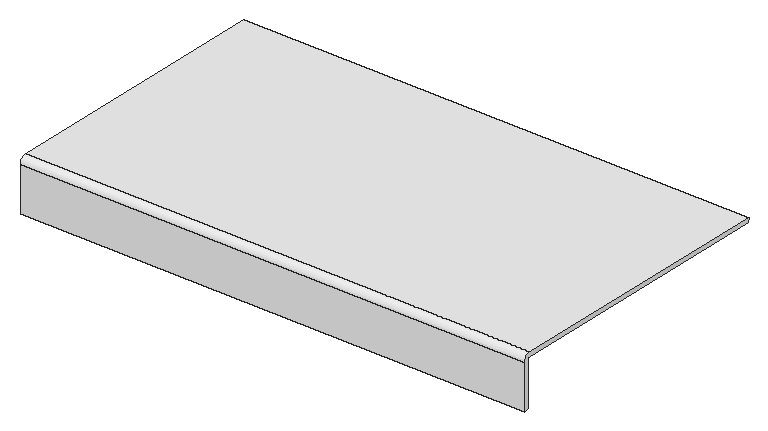
Revit family "JOMA_Gerberbeslag", category Structural Connections, host Face, Revit 2012 (continued)
Nested families
  nested 157: "Spikmönster" at (80, 40, 0) x (-1, 0, 0) z (0, 0, 1), visible <- "Typ 220 Spikmönster 1", type "Ø5", not visible
  nested 158: "Spikmönster" at (100, 30, 0) x (-1, 0, 0) z (0, 0, 1), visible <- "Typ 220 Spikmönster 1", type "Ø5", not visible
  nested 159: "Spikmönster" at (60, 30, 0) x (-1, 0, 0) z (0, 0, 1), visible <- "Typ 220 Spikmönster 1", type "Ø5", not visible
  nested 160: "Spikmönster" at (80, 20, 0) x (-1, 0, 0) z (0, 0, 1), visible <- "Typ 220 Spikmönster 1", type "Ø5", not visible
  nested 161: "Spikmönster" at (-100, 210, 0), visible <- "Typ 220 Spikmönster 2", type "Ø5", not visible
  nested 162: "Spikmönster" at (-60, 210, 0), visible <- "Typ 220 Spikmönster 2", type "Ø5", not visible
  nested 163: "Spikmönster" at (-100, 190, 0), visible <- "Typ 220 Spikmönster 2", type "Ø5", not visible
  nested 164: "Spikmönster" at (-60, 190, 0), visible <- "Typ 220 Spikmönster 2", type "Ø5", not visible
  nested 165: "Spikmönster" at (-100, 170, 0), visible <- "Typ 220 Spikmönster 2", type "Ø5", not visible
  nested 166: "Spikmönster" at (-60, 170, 0), visible <- "Typ 220 Spikmönster 2", type "Ø5", not visible
  nested 167: "Spikmönster" at (-100, 150, 0), visible <- "Typ 220 Spikmönster 2", type "Ø5", not visible
  nested 168: "Spikmönster" at (-60, 150, 0), visible <- "Typ 220 Spikmönster 2", type "Ø5", not visible
  nested 169: "Spikmönster" at (-100, 130, 0), visible <- "Typ 220 Spikmönster 2", type "Ø5", not visible
  nested 170: "Spikmönster" at (-60, 130, 0), visible <- "Typ 220 Spikmönster 2", type "Ø5", not visible
  nested 171: "Spikmönster" at (-100, 110, 0), visible <- "Typ 220 Spikmönster 2", type "Ø5", not visible
  nested 172: "Spikmönster" at (-60, 110, 0), visible <- "Typ 220 Spikmönster 2", type "Ø5", not visible
  nested 173: "Spikmönster" at (-100, 90, 0), visible <- "Typ 220 Spikmönster 2", type "Ø5", not visible
  nested 174: "Spikmönster" at (-60, 90, 0), visible <- "Typ 220 Spikmönster 2", type "Ø5", not visible
  nested 175: "Spikmönster" at (-100, 70, 0), visible <- "Typ 220 Spikmönster 2", type "Ø5", not visible
  nested 176: "Spikmönster" at (-60, 70, 0), visible <- "Typ 220 Spikmönster 2", type "Ø5", not visible
  nested 177: "Spikmönster" at (-100, 50, 0), visible <- "Typ 220 Spikmönster 2", type "Ø5", not visible
  nested 178: "Spikmönster" at (-60, 50, 0), visible <- "Typ 220 Spikmönster 2", type "Ø5", not visible
  nested 179: "Spikmönster" at (-100, 30, 0), visible <- "Typ 220 Spikmönster 2", type "Ø5", not visible
  nested 180: "Spikmönster" at (-60, 30, 0), visible <- "Typ 220 Spikmönster 2", type "Ø5", not visible
  nested 181: "Spikmönster" at (100, 210, 0) x (-1, 0, 0) z (0, 0, 1), visible <- "Typ 220 Spikmönster 2", type "Ø5", not visible
  nested 182: "Spikmönster" at (60, 210, 0) x (-1, 0, 0) z (0, 0, 1), visible <- "Typ 220 Spikmönster 2", type "Ø5", not visible
  nested 183: "Spikmönster" at (100, 190, 0) x (-1, 0, 0) z (0, 0, 1), visible <- "Typ 220 Spikmönster 2", type "Ø5", not visible
  nested 184: "Spikmönster" at (60, 190, 0) x (-1, 0, 0) z (0, 0, 1), visible <- "Typ 220 Spikmönster 2", type "Ø5", not visible
  nested 185: "Spikmönster" at (100, 170, 0) x (-1, 0, 0) z (0, 0, 1), visible <- "Typ 220 Spikmönster 2", type "Ø5", not visible
  nested 186: "Spikmönster" at (60, 170, 0) x (-1, 0, 0) z (0, 0, 1), visible <- "Typ 220 Spikmönster 2", type "Ø5", not visible
  nested 187: "Spikmönster" at (100, 150, 0) x (-1, 0, 0) z (0, 0, 1), visible <- "Typ 220 Spikmönster 2", type "Ø5", not visible
  nested 188: "Spikmönster" at (60, 150, 0) x (-1, 0, 0) z (0, 0, 1), visible <- "Typ 220 Spikmönster 2", type "Ø5", not visible
  nested 189: "Spikmönster" at (100, 130, 0) x (-1, 0, 0) z (0, 0, 1), visible <- "Typ 220 Spikmönster 2", type "Ø5", not visible
  nested 190: "Spikmönster" at (60, 130, 0) x (-1, 0, 0) z (0, 0, 1), visible <- "Typ 220 Spikmönster 2", type "Ø5", not visible
  nested 191: "Spikmönster" at (100, 110, 0) x (-1, 0, 0) z (0, 0, 1), visible <- "Typ 220 Spikmönster 2", type "Ø5", not visible
  nested 192: "Spikmönster" at (60, 110, 0) x (-1, 0, 0) z (0, 0, 1), visible <- "Typ 220 Spikmönster 2", type "Ø5", not visible
  nested 193: "Spikmönster" at (100, 90, 0) x (-1, 0, 0) z (0, 0, 1), visible <- "Typ 220 Spikmönster 2", type "Ø5", not visible
  nested 194: "Spikmönster" at (60, 90, 0) x (-1, 0, 0) z (0, 0, 1), visible <- "Typ 220 Spikmönster 2", type "Ø5", not visible
  nested 195: "Spikmönster" at (100, 70, 0) x (-1, 0, 0) z (0, 0, 1), visible <- "Typ 220 Spikmönster 2", type "Ø5", not visible
  nested 196: "Spikmönster" at (60, 70, 0) x (-1, 0, 0) z (0, 0, 1), visible <- "Typ 220 Spikmönster 2", type "Ø5", not visible
  nested 197: "Spikmönster" at (100, 50, 0) x (-1, 0, 0) z (0, 0, 1), visible <- "Typ 220 Spikmönster 2", type "Ø5", not visible
  nested 198: "Spikmönster" at (60, 50, 0) x (-1, 0, 0) z (0, 0, 1), visible <- "Typ 220 Spikmönster 2", type "Ø5", not visible
  nested 199: "Spikmönster" at (100, 30, 0) x (-1, 0, 0) z (0, 0, 1), visible <- "Typ 220 Spikmönster 2", type "Ø5", not visible
  nested 200: "Spikmönster" at (60, 30, 0) x (-1, 0, 0) z (0, 0, 1), visible <- "Typ 220 Spikmönster 2", type "Ø5", not visible
  nested 201: "Spikmönster" at (-100, 190, 0), visible <- "Typ 200 Spikmönster 1", type "Ø5"
  nested 202: "Spikmönster" at (-60, 190, 0), visible <- "Typ 200 Spikmönster 1", type "Ø5"
  nested 203: "Spikmönster" at (-80, 180, 0), visible <- "Typ 200 Spikmönster 1", type "Ø5"
  nested 204: "Spikmönster" at (-100, 170, 0), visible <- "Typ 200 Spikmönster 1", type "Ø5"
  nested 205: "Spikmönster" at (-60, 170, 0), visible <- "Typ 200 Spikmönster 1", type "Ø5"
  nested 206: "Spikmönster" at (-80, 160, 0), visible <- "Typ 200 Spikmönster 1", type "Ø5"
  nested 207: "Spikmönster" at (-100, 150, 0), visible <- "Typ 200 Spikmönster 1", type "Ø5"
  nested 208: "Spikmönster" at (-60, 150, 0), visible <- "Typ 200 Spikmönster 1", type "Ø5"
  nested 209: "Spikmönster" at (-80, 140, 0), visible <- "Typ 200 Spikmönster 1", type "Ø5"
  nested 210: "Spikmönster" at (-100, 130, 0), visible <- "Typ 200 Spikmönster 1", type "Ø5"
  nested 211: "Spikmönster" at (-60, 130, 0), visible <- "Typ 200 Spikmönster 1", type "Ø5"
  nested 212: "Spikmönster" at (-80, 120, 0), visible <- "Typ 200 Spikmönster 1", type "Ø5"
  nested 213: "Spikmönster" at (-100, 110, 0), visible <- "Typ 200 Spikmönster 1", type "Ø5"
  nested 214: "Spikmönster" at (-60, 110, 0), visible <- "Typ 200 Spikmönster 1", type "Ø5"
  nested 215: "Spikmönster" at (-80, 100, 0), visible <- "Typ 200 Spikmönster 1", type "Ø5"
  nested 216: "Spikmönster" at (-100, 90, 0), visible <- "Typ 200 Spikmönster 1", type "Ø5"
  nested 217: "Spikmönster" at (-60, 90, 0), visible <- "Typ 200 Spikmönster 1", type "Ø5"
  nested 218: "Spikmönster" at (-80, 80, 0), visible <- "Typ 200 Spikmönster 1", type "Ø5"
  nested 219: "Spikmönster" at (-100, 70, 0), visible <- "Typ 200 Spikmönster 1", type "Ø5"
  nested 220: "Spikmönster" at (-60, 70, 0), visible <- "Typ 200 Spikmönster 1", type "Ø5"
  nested 221: "Spikmönster" at (-80, 60, 0), visible <- "Typ 200 Spikmönster 1", type "Ø5"
  nested 222: "Spikmönster" at (-100, 50, 0), visible <- "Typ 200 Spikmönster 1", type "Ø5"
  nested 223: "Spikmönster" at (-60, 50, 0), visible <- "Typ 200 Spikmönster 1", type "Ø5"
  nested 224: "Spikmönster" at (-80, 40, 0), visible <- "Typ 200 Spikmönster 1", type "Ø5"
  nested 225: "Spikmönster" at (-100, 30, 0), visible <- "Typ 200 Spikmönster 1", type "Ø5"
  nested 226: "Spikmönster" at (-60, 30, 0), visible <- "Typ 200 Spikmönster 1", type "Ø5"
  nested 227: "Spikmönster" at (-80, 20, 0), visible <- "Typ 200 Spikmönster 1", type "Ø5"
  nested 228: "Spikmönster" at (60, 190, 0), visible <- "Typ 200 Spikmönster 1", type "Ø5"
  nested 229: "Spikmönster" at (100, 190, 0), visible <- "Typ 200 Spikmönster 1", type "Ø5"
  nested 230: "Spikmönster" at (80, 180, 0), visible <- "Typ 200 Spikmönster 1", type "Ø5"
  nested 231: "Spikmönster" at (60, 170, 0), visible <- "Typ 200 Spikmönster 1", type "Ø5"
  nested 232: "Spikmönster" at (100, 170, 0), visible <- "Typ 200 Spikmönster 1", type "Ø5"
  nested 233: "Spikmönster" at (80, 160, 0), visible <- "Typ 200 Spikmönster 1", type "Ø5"
  nested 234: "Spikmönster" at (60, 150, 0), visible <- "Typ 200 Spikmönster 1", type "Ø5"
  nested 235: "Spikmönster" at (100, 150, 0), visible <- "Typ 200 Spikmönster 1", type "Ø5"
  nested 236: "Spikmönster" at (80, 140, 0), visible <- "Typ 200 Spikmönster 1", type "Ø5"
  nested 237: "Spikmönster" at (60, 130, 0), visible <- "Typ 200 Spikmönster 1", type "Ø5"
  nested 238: "Spikmönster" at (100, 130, 0), visible <- "Typ 200 Spikmönster 1", type "Ø5"
  nested 239: "Spikmönster" at (80, 120, 0), visible <- "Typ 200 Spikmönster 1", type "Ø5"
  nested 240: "Spikmönster" at (60, 110, 0), visible <- "Typ 200 Spikmönster 1", type "Ø5"
  nested 241: "Spikmönster" at (100, 110, 0), visible <- "Typ 200 Spikmönster 1", type "Ø5"
  nested 242: "Spikmönster" at (80, 100, 0), visible <- "Typ 200 Spikmönster 1", type "Ø5"
  nested 243: "Spikmönster" at (60, 90, 0), visible <- "Typ 200 Spikmönster 1", type "Ø5"
  nested 244: "Spikmönster" at (100, 90, 0), visible <- "Typ 200 Spikmönster 1", type "Ø5"
  nested 245: "Spikmönster" at (80, 80, 0), visible <- "Typ 200 Spikmönster 1", type "Ø5"
  nested 246: "Spikmönster" at (60, 70, 0), visible <- "Typ 200 Spikmönster 1", type "Ø5"
  nested 247: "Spikmönster" at (100, 70, 0), visible <- "Typ 200 Spikmönster 1", type "Ø5"
  nested 248: "Spikmönster" at (80, 60, 0), visible <- "Typ 200 Spikmönster 1", type "Ø5"
  nested 249: "Spikmönster" at (60, 50, 0), visible <- "Typ 200 Spikmönster 1", type "Ø5"
  nested 250: "Spikmönster" at (100, 50, 0), visible <- "Typ 200 Spikmönster 1", type "Ø5"
  nested 251: "Spikmönster" at (80, 40, 0), visible <- "Typ 200 Spikmönster 1", type "Ø5"
  nested 252: "Spikmönster" at (60, 30, 0), visible <- "Typ 200 Spikmönster 1", type "Ø5"
  nested 253: "Spikmönster" at (100, 30, 0), visible <- "Typ 200 Spikmönster 1", type "Ø5"
  nested 254: "Spikmönster" at (80, 20, 0), visible <- "Typ 200 Spikmönster 1", type "Ø5"
  nested 255: "Spikmönster" at (-100, 190, 0), visible <- "Typ 200 Spikmönster 2", type "Ø5"
  nested 256: "Spikmönster" at (-60, 190, 0), visible <- "Typ 200 Spikmönster 2", type "Ø5"
  nested 257: "Spikmönster" at (-100, 170, 0), visible <- "Typ 200 Spikmönster 2", type "Ø5"
  nested 258: "Spikmönster" at (-60, 170, 0), visible <- "Typ 200 Spikmönster 2", type "Ø5"
  nested 259: "Spikmönster" at (-100, 150, 0), visible <- "Typ 200 Spikmönster 2", type "Ø5"
  nested 260: "Spikmönster" at (-60, 150, 0), visible <- "Typ 200 Spikmönster 2", type "Ø5"
  nested 261: "Spikmönster" at (-100, 130, 0), visible <- "Typ 200 Spikmönster 2", type "Ø5"
  nested 262: "Spikmönster" at (-60, 130, 0), visible <- "Typ 200 Spikmönster 2", type "Ø5"
  nested 263: "Spikmönster" at (-100, 110, 0), visible <- "Typ 200 Spikmönster 2", type "Ø5"
  nested 264: "Spikmönster" at (-60, 110, 0), visible <- "Typ 200 Spikmönster 2", type "Ø5"
  nested 265: "Spikmönster" at (-100, 90, 0), visible <- "Typ 200 Spikmönster 2", type "Ø5"
  nested 266: "Spikmönster" at (-60, 90, 0), visible <- "Typ 200 Spikmönster 2", type "Ø5"
  nested 267: "Spikmönster" at (-100, 70, 0), visible <- "Typ 200 Spikmönster 2", type "Ø5"
  nested 268: "Spikmönster" at (-60, 70, 0), visible <- "Typ 200 Spikmönster 2", type "Ø5"
  nested 269: "Spikmönster" at (-100, 50, 0), visible <- "Typ 200 Spikmönster 2", type "Ø5"
  nested 270: "Spikmönster" at (-60, 50, 0), visible <- "Typ 200 Spikmönster 2", type "Ø5"
  nested 271: "Spikmönster" at (-100, 30, 0), visible <- "Typ 200 Spikmönster 2", type "Ø5"
  nested 272: "Spikmönster" at (-60, 30, 0), visible <- "Typ 200 Spikmönster 2", type "Ø5"
  nested 273: "Spikmönster" at (60, 190, 0), visible <- "Typ 200 Spikmönster 2", type "Ø5"
  nested 274: "Spikmönster" at (100, 190, 0), visible <- "Typ 200 Spikmönster 2", type "Ø5"
  nested 275: "Spikmönster" at (60, 170, 0), visible <- "Typ 200 Spikmönster 2", type "Ø5"
  nested 276: "Spikmönster" at (100, 170, 0), visible <- "Typ 200 Spikmönster 2", type "Ø5"
  nested 277: "Spikmönster" at (60, 150, 0), visible <- "Typ 200 Spikmönster 2", type "Ø5"
  nested 278: "Spikmönster" at (100, 150, 0), visible <- "Typ 200 Spikmönster 2", type "Ø5"
  nested 279: "Spikmönster" at (60, 130, 0), visible <- "Typ 200 Spikmönster 2", type "Ø5"
  nested 280: "Spikmönster" at (100, 130, 0), visible <- "Typ 200 Spikmönster 2", type "Ø5"
  nested 281: "Spikmönster" at (60, 110, 0), visible <- "Typ 200 Spikmönster 2", type "Ø5"
  nested 282: "Spikmönster" at (100, 110, 0), visible <- "Typ 200 Spikmönster 2", type "Ø5"
  nested 283: "Spikmönster" at (60, 90, 0), visible <- "Typ 200 Spikmönster 2", type "Ø5"
  nested 284: "Spikmönster" at (100, 90, 0), visible <- "Typ 200 Spikmönster 2", type "Ø5"
  nested 285: "Spikmönster" at (60, 70, 0), visible <- "Typ 200 Spikmönster 2", type "Ø5"
  nested 286: "Spikmönster" at (100, 70, 0), visible <- "Typ 200 Spikmönster 2", type "Ø5"
  nested 287: "Spikmönster" at (60, 50, 0), visible <- "Typ 200 Spikmönster 2", type "Ø5"
  nested 288: "Spikmönster" at (100, 50, 0), visible <- "Typ 200 Spikmönster 2", type "Ø5"
  nested 289: "Spikmönster" at (60, 30, 0), visible <- "Typ 200 Spikmönster 2", type "Ø5"
  nested 290: "Spikmönster" at (100, 30, 0), visible <- "Typ 200 Spikmönster 2", type "Ø5"
  nested 291: "Spikmönster" at (180, 190, 0), visible <- "Typ 200 Spikmönster 1", type "Ø5", not visible
  nested 292: "Spikmönster" at (220, 190, 0), visible <- "Typ 200 Spikmönster 1", type "Ø5", not visible
  nested 293: "Spikmönster" at (200, 180, 0), visible <- "Typ 200 Spikmönster 1", type "Ø5", not visible
  nested 294: "Spikmönster" at (180, 170, 0), visible <- "Typ 200 Spikmönster 1", type "Ø5", not visible
  nested 295: "Spikmönster" at (220, 170, 0), visible <- "Typ 200 Spikmönster 1", type "Ø5", not visible
  nested 296: "Spikmönster" at (200, 160, 0), visible <- "Typ 200 Spikmönster 1", type "Ø5", not visible
  nested 297: "Spikmönster" at (180, 150, 0), visible <- "Typ 200 Spikmönster 1", type "Ø5", not visible
  nested 298: "Spikmönster" at (220, 150, 0), visible <- "Typ 200 Spikmönster 1", type "Ø5", not visible
  nested 299: "Spikmönster" at (200, 140, 0), visible <- "Typ 200 Spikmönster 1", type "Ø5", not visible
  nested 300: "Spikmönster" at (180, 130, 0), visible <- "Typ 200 Spikmönster 1", type "Ø5", not visible
  nested 301: "Spikmönster" at (220, 130, 0), visible <- "Typ 200 Spikmönster 1", type "Ø5", not visible
  nested 302: "Spikmönster" at (200, 120, 0), visible <- "Typ 200 Spikmönster 1", type "Ø5", not visible
  nested 303: "Spikmönster" at (180, 110, 0), visible <- "Typ 200 Spikmönster 1", type "Ø5", not visible
  nested 304: "Spikmönster" at (220, 110, 0), visible <- "Typ 200 Spikmönster 1", type "Ø5", not visible
  nested 305: "Spikmönster" at (200, 100, 0), visible <- "Typ 200 Spikmönster 1", type "Ø5", not visible
  nested 306: "Spikmönster" at (180, 90, 0), visible <- "Typ 200 Spikmönster 1", type "Ø5", not visible
  nested 307: "Spikmönster" at (220, 90, 0), visible <- "Typ 200 Spikmönster 1", type "Ø5", not visible
  nested 308: "Spikmönster" at (200, 80, 0), visible <- "Typ 200 Spikmönster 1", type "Ø5", not visible
  nested 309: "Spikmönster" at (180, 70, 0), visible <- "Typ 200 Spikmönster 1", type "Ø5", not visible
  nested 310: "Spikmönster" at (220, 70, 0), visible <- "Typ 200 Spikmönster 1", type "Ø5", not visible
  nested 311: "Spikmönster" at (200, 60, 0), visible <- "Typ 200 Spikmönster 1", type "Ø5", not visible
  nested 312: "Spikmönster" at (180, 50, 0), visible <- "Typ 200 Spikmönster 1", type "Ø5", not visible
  nested 313: "Spikmönster" at (220, 50, 0), visible <- "Typ 200 Spikmönster 1", type "Ø5", not visible
  nested 314: "Spikmönster" at (200, 40, 0), visible <- "Typ 200 Spikmönster 1", type "Ø5", not visible
  nested 315: "Spikmönster" at (180, 30, 0), visible <- "Typ 200 Spikmönster 1", type "Ø5", not visible
  nested 316: "Spikmönster" at (220, 30, 0), visible <- "Typ 200 Spikmönster 1", type "Ø5", not visible
  nested 317: "Spikmönster" at (200, 20, 0), visible <- "Typ 200 Spikmönster 1", type "Ø5", not visible
  nested 318: "Spikmönster" at (340, 190, 0), visible <- "Typ 200 Spikmönster 1", type "Ø5", not visible
  nested 319: "Spikmönster" at (380, 190, 0), visible <- "Typ 200 Spikmönster 1", type "Ø5", not visible
  nested 320: "Spikmönster" at (360, 180, 0), visible <- "Typ 200 Spikmönster 1", type "Ø5", not visible
  nested 321: "Spikmönster" at (340, 170, 0), visible <- "Typ 200 Spikmönster 1", type "Ø5", not visible
  nested 322: "Spikmönster" at (380, 170, 0), visible <- "Typ 200 Spikmönster 1", type "Ø5", not visible
  nested 323: "Spikmönster" at (360, 160, 0), visible <- "Typ 200 Spikmönster 1", type "Ø5", not visible
  nested 324: "Spikmönster" at (340, 150, 0), visible <- "Typ 200 Spikmönster 1", type "Ø5", not visible
  nested 325: "Spikmönster" at (380, 150, 0), visible <- "Typ 200 Spikmönster 1", type "Ø5", not visible
  nested 326: "Spikmönster" at (360, 140, 0), visible <- "Typ 200 Spikmönster 1", type "Ø5", not visible
  nested 327: "Spikmönster" at (340, 130, 0), visible <- "Typ 200 Spikmönster 1", type "Ø5", not visible
  nested 328: "Spikmönster" at (380, 130, 0), visible <- "Typ 200 Spikmönster 1", type "Ø5", not visible
  nested 329: "Spikmönster" at (360, 120, 0), visible <- "Typ 200 Spikmönster 1", type "Ø5", not visible
  nested 330: "Spikmönster" at (340, 110, 0), visible <- "Typ 200 Spikmönster 1", type "Ø5", not visible
  nested 331: "Spikmönster" at (380, 110, 0), visible <- "Typ 200 Spikmönster 1", type "Ø5", not visible
  nested 332: "Spikmönster" at (360, 100, 0), visible <- "Typ 200 Spikmönster 1", type "Ø5", not visible
  nested 333: "Spikmönster" at (340, 90, 0), visible <- "Typ 200 Spikmönster 1", type "Ø5", not visible
  nested 334: "Spikmönster" at (380, 90, 0), visible <- "Typ 200 Spikmönster 1", type "Ø5", not visible
  nested 335: "Spikmönster" at (360, 80, 0), visible <- "Typ 200 Spikmönster 1", type "Ø5", not visible
  nested 336: "Spikmönster" at (340, 70, 0), visible <- "Typ 200 Spikmönster 1", type "Ø5", not visible
  nested 337: "Spikmönster" at (380, 70, 0), visible <- "Typ 200 Spikmönster 1", type "Ø5", not visible
  nested 338: "Spikmönster" at (360, 60, 0), visible <- "Typ 200 Spikmönster 1", type "Ø5", not visible
  nested 339: "Spikmönster" at (340, 50, 0), visible <- "Typ 200 Spikmönster 1", type "Ø5", not visible
  nested 340: "Spikmönster" at (380, 50, 0), visible <- "Typ 200 Spikmönster 1", type "Ø5", not visible
  nested 341: "Spikmönster" at (360, 40, 0), visible <- "Typ 200 Spikmönster 1", type "Ø5", not visible
  nested 342: "Spikmönster" at (340, 30, 0), visible <- "Typ 200 Spikmönster 1", type "Ø5", not visible
  nested 343: "Spikmönster" at (380, 30, 0), visible <- "Typ 200 Spikmönster 1", type "Ø5", not visible
  nested 344: "Spikmönster" at (360, 20, 0), visible <- "Typ 200 Spikmönster 1", type "Ø5", not visible
  nested 345: "Spikmönster" at (180, 190, 0), visible <- "Typ 200 Spikmönster 2", type "Ø5", not visible
  nested 346: "Spikmönster" at (220, 190, 0), visible <- "Typ 200 Spikmönster 2", type "Ø5", not visible
  nested 347: "Spikmönster" at (180, 170, 0), visible <- "Typ 200 Spikmönster 2", type "Ø5", not visible
  nested 348: "Spikmönster" at (220, 170, 0), visible <- "Typ 200 Spikmönster 2", type "Ø5", not visible
  nested 349: "Spikmönster" at (180, 150, 0), visible <- "Typ 200 Spikmönster 2", type "Ø5", not visible
  nested 350: "Spikmönster" at (220, 150, 0), visible <- "Typ 200 Spikmönster 2", type "Ø5", not visible
  nested 351: "Spikmönster" at (180, 130, 0), visible <- "Typ 200 Spikmönster 2", type "Ø5", not visible
  nested 352: "Spikmönster" at (220, 130, 0), visible <- "Typ 200 Spikmönster 2", type "Ø5", not visible
  nested 353: "Spikmönster" at (180, 110, 0), visible <- "Typ 200 Spikmönster 2", type "Ø5", not visible
  nested 354: "Spikmönster" at (220, 110, 0), visible <- "Typ 200 Spikmönster 2", type "Ø5", not visible
  nested 355: "Spikmönster" at (180, 90, 0), visible <- "Typ 200 Spikmönster 2", type "Ø5", not visible
  nested 356: "Spikmönster" at (220, 90, 0), visible <- "Typ 200 Spikmönster 2", type "Ø5", not visible
  nested 357: "Spikmönster" at (180, 70, 0), visible <- "Typ 200 Spikmönster 2", type "Ø5", not visible
  nested 358: "Spikmönster" at (220, 70, 0), visible <- "Typ 200 Spikmönster 2", type "Ø5", not visible
  nested 359: "Spikmönster" at (180, 50, 0), visible <- "Typ 200 Spikmönster 2", type "Ø5", not visible
  nested 360: "Spikmönster" at (220, 50, 0), visible <- "Typ 200 Spikmönster 2", type "Ø5", not visible
  nested 361: "Spikmönster" at (180, 30, 0), visible <- "Typ 200 Spikmönster 2", type "Ø5", not visible
  nested 362: "Spikmönster" at (220, 30, 0), visible <- "Typ 200 Spikmönster 2", type "Ø5", not visible
  nested 363: "Spikmönster" at (340, 190, 0), visible <- "Typ 200 Spikmönster 2", type "Ø5", not visible
  nested 364: "Spikmönster" at (380, 190, 0), visible <- "Typ 200 Spikmönster 2", type "Ø5", not visible
  nested 365: "Spikmönster" at (340, 170, 0), visible <- "Typ 200 Spikmönster 2", type "Ø5", not visible
  nested 366: "Spikmönster" at (380, 170, 0), visible <- "Typ 200 Spikmönster 2", type "Ø5", not visible
  nested 367: "Spikmönster" at (340, 150, 0), visible <- "Typ 200 Spikmönster 2", type "Ø5", not visible
  nested 368: "Spikmönster" at (380, 150, 0), visible <- "Typ 200 Spikmönster 2", type "Ø5", not visible
  nested 369: "Spikmönster" at (340, 130, 0), visible <- "Typ 200 Spikmönster 2", type "Ø5", not visible
  nested 370: "Spikmönster" at (380, 130, 0), visible <- "Typ 200 Spikmönster 2", type "Ø5", not visible
  nested 371: "Spikmönster" at (340, 110, 0), visible <- "Typ 200 Spikmönster 2", type "Ø5", not visible
  nested 372: "Spikmönster" at (380, 110, 0), visible <- "Typ 200 Spikmönster 2", type "Ø5", not visible
  nested 373: "Spikmönster" at (340, 90, 0), visible <- "Typ 200 Spikmönster 2", type "Ø5", not visible
  nested 374: "Spikmönster" at (380, 90, 0), visible <- "Typ 200 Spikmönster 2", type "Ø5", not visible
  nested 375: "Spikmönster" at (340, 70, 0), visible <- "Typ 200 Spikmönster 2", type "Ø5", not visible
  nested 376: "Spikmönster" at (380, 70, 0), visible <- "Typ 200 Spikmönster 2", type "Ø5", not visible
  nested 377: "Spikmönster" at (340, 50, 0), visible <- "Typ 200 Spikmönster 2", type "Ø5", not visible
  nested 378: "Spikmönster" at (380, 50, 0), visible <- "Typ 200 Spikmönster 2", type "Ø5", not visible
  nested 379: "Spikmönster" at (340, 30, 0), visible <- "Typ 200 Spikmönster 2", type "Ø5", not visible
  nested 380: "Spikmönster" at (380, 30, 0), visible <- "Typ 200 Spikmönster 2", type "Ø5", not visible
  nested 381: "Spikmönster" at (-100, 170, 0), visible <- "Typ 180 Spikmönster 1", type "Ø5"
  nested 382: "Spikmönster" at (-60, 170, 0), visible <- "Typ 180 Spikmönster 1", type "Ø5"
  nested 383: "Spikmönster" at (-80, 160, 0), visible <- "Typ 180 Spikmönster 1", type "Ø5"
  nested 384: "Spikmönster" at (60, 170, 0), visible <- "Typ 180 Spikmönster 1", type "Ø5"
  nested 385: "Spikmönster" at (80, 160, 0), visible <- "Typ 180 Spikmönster 1", type "Ø5"
  nested 386: "Spikmönster" at (100, 170, 0), visible <- "Typ 180 Spikmönster 1", type "Ø5"
  nested 387: "Spikmönster" at (-100, 150, 0), visible <- "Typ 180 Spikmönster 1", type "Ø5"
  nested 388: "Spikmönster" at (-60, 150, 0), visible <- "Typ 180 Spikmönster 1", type "Ø5"
  nested 389: "Spikmönster" at (-80, 140, 0), visible <- "Typ 180 Spikmönster 1", type "Ø5"
  nested 390: "Spikmönster" at (60, 150, 0), visible <- "Typ 180 Spikmönster 1", type "Ø5"
  nested 391: "Spikmönster" at (80, 140, 0), visible <- "Typ 180 Spikmönster 1", type "Ø5"
  nested 392: "Spikmönster" at (100, 150, 0), visible <- "Typ 180 Spikmönster 1", type "Ø5"
  nested 393: "Spikmönster" at (-100, 130, 0), visible <- "Typ 180 Spikmönster 1", type "Ø5"
  nested 394: "Spikmönster" at (-60, 130, 0), visible <- "Typ 180 Spikmönster 1", type "Ø5"
  nested 395: "Spikmönster" at (-80, 120, 0), visible <- "Typ 180 Spikmönster 1", type "Ø5"
  nested 396: "Spikmönster" at (60, 130, 0), visible <- "Typ 180 Spikmönster 1", type "Ø5"
  nested 397: "Spikmönster" at (80, 120, 0), visible <- "Typ 180 Spikmönster 1", type "Ø5"
  nested 398: "Spikmönster" at (100, 130, 0), visible <- "Typ 180 Spikmönster 1", type "Ø5"
  nested 399: "Spikmönster" at (-100, 110, 0), visible <- "Typ 180 Spikmönster 1", type "Ø5"
  nested 400: "Spikmönster" at (-60, 110, 0), visible <- "Typ 180 Spikmönster 1", type "Ø5"
  nested 401: "Spikmönster" at (-80, 100, 0), visible <- "Typ 180 Spikmönster 1", type "Ø5"
  nested 402: "Spikmönster" at (60, 110, 0), visible <- "Typ 180 Spikmönster 1", type "Ø5"
  nested 403: "Spikmönster" at (80, 100, 0), visible <- "Typ 180 Spikmönster 1", type "Ø5"
  nested 404: "Spikmönster" at (100, 110, 0), visible <- "Typ 180 Spikmönster 1", type "Ø5"
  nested 405: "Spikmönster" at (-100, 90, 0), visible <- "Typ 180 Spikmönster 1", type "Ø5"
  nested 406: "Spikmönster" at (-60, 90, 0), visible <- "Typ 180 Spikmönster 1", type "Ø5"
  nested 407: "Spikmönster" at (-80, 80, 0), visible <- "Typ 180 Spikmönster 1", type "Ø5"
  nested 408: "Spikmönster" at (60, 90, 0), visible <- "Typ 180 Spikmönster 1", type "Ø5"
  nested 409: "Spikmönster" at (80, 80, 0), visible <- "Typ 180 Spikmönster 1", type "Ø5"
  nested 410: "Spikmönster" at (100, 90, 0), visible <- "Typ 180 Spikmönster 1", type "Ø5"
  nested 411: "Spikmönster" at (-100, 70, 0), visible <- "Typ 180 Spikmönster 1", type "Ø5"
  nested 412: "Spikmönster" at (-60, 70, 0), visible <- "Typ 180 Spikmönster 1", type "Ø5"
  nested 413: "Spikmönster" at (-80, 60, 0), visible <- "Typ 180 Spikmönster 1", type "Ø5"
  nested 414: "Spikmönster" at (60, 70, 0), visible <- "Typ 180 Spikmönster 1", type "Ø5"
  nested 415: "Spikmönster" at (80, 60, 0), visible <- "Typ 180 Spikmönster 1", type "Ø5"
  nested 416: "Spikmönster" at (100, 70, 0), visible <- "Typ 180 Spikmönster 1", type "Ø5"
  nested 417: "Spikmönster" at (-100, 50, 0), visible <- "Typ 180 Spikmönster 1", type "Ø5"
  nested 418: "Spikmönster" at (-60, 50, 0), visible <- "Typ 180 Spikmönster 1", type "Ø5"
  nested 419: "Spikmönster" at (-80, 40, 0), visible <- "Typ 180 Spikmönster 1", type "Ø5"
  nested 420: "Spikmönster" at (60, 50, 0), visible <- "Typ 180 Spikmönster 1", type "Ø5"
  nested 421: "Spikmönster" at (80, 40, 0), visible <- "Typ 180 Spikmönster 1", type "Ø5"
  nested 422: "Spikmönster" at (100, 50, 0), visible <- "Typ 180 Spikmönster 1", type "Ø5"
  nested 423: "Spikmönster" at (-100, 30, 0), visible <- "Typ 180 Spikmönster 1", type "Ø5"
  nested 424: "Spikmönster" at (-60, 30, 0), visible <- "Typ 180 Spikmönster 1", type "Ø5"
  nested 425: "Spikmönster" at (-80, 20, 0), visible <- "Typ 180 Spikmönster 1", type "Ø5"
  nested 426: "Spikmönster" at (60, 30, 0), visible <- "Typ 180 Spikmönster 1", type "Ø5"
  nested 427: "Spikmönster" at (80, 20, 0), visible <- "Typ 180 Spikmönster 1", type "Ø5"
  nested 428: "Spikmönster" at (100, 30, 0), visible <- "Typ 180 Spikmönster 1", type "Ø5"
  nested 429: "Spikmönster" at (-100, 170, 0), visible <- "Typ 180 Spikmönster 2", type "Ø5"
  nested 430: "Spikmönster" at (-60, 170, 0), visible <- "Typ 180 Spikmönster 2", type "Ø5"
  nested 431: "Spikmönster" at (60, 170, 0), visible <- "Typ 180 Spikmönster 2", type "Ø5"
  nested 432: "Spikmönster" at (100, 170, 0), visible <- "Typ 180 Spikmönster 2", type "Ø5"
  nested 433: "Spikmönster" at (-100, 150, 0), visible <- "Typ 180 Spikmönster 2", type "Ø5"
  nested 434: "Spikmönster" at (-60, 150, 0), visible <- "Typ 180 Spikmönster 2", type "Ø5"
  nested 435: "Spikmönster" at (60, 150, 0), visible <- "Typ 180 Spikmönster 2", type "Ø5"
  nested 436: "Spikmönster" at (100, 150, 0), visible <- "Typ 180 Spikmönster 2", type "Ø5"
  nested 437: "Spikmönster" at (-100, 130, 0), visible <- "Typ 180 Spikmönster 2", type "Ø5"
  nested 438: "Spikmönster" at (-60, 130, 0), visible <- "Typ 180 Spikmönster 2", type "Ø5"
  nested 439: "Spikmönster" at (60, 130, 0), visible <- "Typ 180 Spikmönster 2", type "Ø5"
  nested 440: "Spikmönster" at (100, 130, 0), visible <- "Typ 180 Spikmönster 2", type "Ø5"
  nested 441: "Spikmönster" at (-100, 110, 0), visible <- "Typ 180 Spikmönster 2", type "Ø5"
  nested 442: "Spikmönster" at (-60, 110, 0), visible <- "Typ 180 Spikmönster 2", type "Ø5"
  nested 443: "Spikmönster" at (60, 110, 0), visible <- "Typ 180 Spikmönster 2", type "Ø5"
  nested 444: "Spikmönster" at (100, 110, 0), visible <- "Typ 180 Spikmönster 2", type "Ø5"
  nested 445: "Spikmönster" at (-100, 90, 0), visible <- "Typ 180 Spikmönster 2", type "Ø5"
  nested 446: "Spikmönster" at (-60, 90, 0), visible <- "Typ 180 Spikmönster 2", type "Ø5"
  nested 447: "Spikmönster" at (60, 90, 0), visible <- "Typ 180 Spikmönster 2", type "Ø5"
  nested 448: "Spikmönster" at (100, 90, 0), visible <- "Typ 180 Spikmönster 2", type "Ø5"
  nested 449: "Spikmönster" at (-100, 70, 0), visible <- "Typ 180 Spikmönster 2", type "Ø5"
  nested 450: "Spikmönster" at (-60, 70, 0), visible <- "Typ 180 Spikmönster 2", type "Ø5"
  nested 451: "Spikmönster" at (60, 70, 0), visible <- "Typ 180 Spikmönster 2", type "Ø5"
  nested 452: "Spikmönster" at (100, 70, 0), visible <- "Typ 180 Spikmönster 2", type "Ø5"
  nested 453: "Spikmönster" at (-100, 50, 0), visible <- "Typ 180 Spikmönster 2", type "Ø5"
  nested 454: "Spikmönster" at (-60, 50, 0), visible <- "Typ 180 Spikmönster 2", type "Ø5"
  nested 455: "Spikmönster" at (60, 50, 0), visible <- "Typ 180 Spikmönster 2", type "Ø5"
  nested 456: "Spikmönster" at (100, 50, 0), visible <- "Typ 180 Spikmönster 2", type "Ø5"
  nested 457: "Spikmönster" at (-100, 30, 0), visible <- "Typ 180 Spikmönster 2", type "Ø5"
  nested 458: "Spikmönster" at (-60, 30, 0), visible <- "Typ 180 Spikmönster 2", type "Ø5"
  nested 459: "Spikmönster" at (60, 30, 0), visible <- "Typ 180 Spikmönster 2", type "Ø5"
  nested 460: "Spikmönster" at (100, 30, 0), visible <- "Typ 180 Spikmönster 2", type "Ø5"
  nested 461: "Spikmönster" at (460, 170, 0), visible <- "Typ 180 Spikmönster 1", type "Ø5", not visible
  nested 462: "Spikmönster" at (500, 170, 0), visible <- "Typ 180 Spikmönster 1", type "Ø5", not visible
  nested 463: "Spikmönster" at (480, 160, 0), visible <- "Typ 180 Spikmönster 1", type "Ø5", not visible
  nested 464: "Spikmönster" at (620, 170, 0), visible <- "Typ 180 Spikmönster 1", type "Ø5", not visible
  nested 465: "Spikmönster" at (640, 160, 0), visible <- "Typ 180 Spikmönster 1", type "Ø5", not visible
  nested 466: "Spikmönster" at (660, 170, 0), visible <- "Typ 180 Spikmönster 1", type "Ø5", not visible
  nested 467: "Spikmönster" at (460, 150, 0), visible <- "Typ 180 Spikmönster 1", type "Ø5", not visible
  nested 468: "Spikmönster" at (500, 150, 0), visible <- "Typ 180 Spikmönster 1", type "Ø5", not visible
  nested 469: "Spikmönster" at (480, 140, 0), visible <- "Typ 180 Spikmönster 1", type "Ø5", not visible
  nested 470: "Spikmönster" at (620, 150, 0), visible <- "Typ 180 Spikmönster 1", type "Ø5", not visible
  nested 471: "Spikmönster" at (640, 140, 0), visible <- "Typ 180 Spikmönster 1", type "Ø5", not visible
  nested 472: "Spikmönster" at (660, 150, 0), visible <- "Typ 180 Spikmönster 1", type "Ø5", not visible
  nested 473: "Spikmönster" at (460, 130, 0), visible <- "Typ 180 Spikmönster 1", type "Ø5", not visible
  nested 474: "Spikmönster" at (500, 130, 0), visible <- "Typ 180 Spikmönster 1", type "Ø5", not visible
  nested 475: "Spikmönster" at (480, 120, 0), visible <- "Typ 180 Spikmönster 1", type "Ø5", not visible
  nested 476: "Spikmönster" at (620, 130, 0), visible <- "Typ 180 Spikmönster 1", type "Ø5", not visible
  nested 477: "Spikmönster" at (640, 120, 0), visible <- "Typ 180 Spikmönster 1", type "Ø5", not visible
  nested 478: "Spikmönster" at (660, 130, 0), visible <- "Typ 180 Spikmönster 1", type "Ø5", not visible
  nested 479: "Spikmönster" at (460, 110, 0), visible <- "Typ 180 Spikmönster 1", type "Ø5", not visible
  nested 480: "Spikmönster" at (500, 110, 0), visible <- "Typ 180 Spikmönster 1", type "Ø5", not visible
  nested 481: "Spikmönster" at (480, 100, 0), visible <- "Typ 180 Spikmönster 1", type "Ø5", not visible
  nested 482: "Spikmönster" at (620, 110, 0), visible <- "Typ 180 Spikmönster 1", type "Ø5", not visible
  nested 483: "Spikmönster" at (640, 100, 0), visible <- "Typ 180 Spikmönster 1", type "Ø5", not visible
  nested 484: "Spikmönster" at (660, 110, 0), visible <- "Typ 180 Spikmönster 1", type "Ø5", not visible
  nested 485: "Spikmönster" at (460, 90, 0), visible <- "Typ 180 Spikmönster 1", type "Ø5", not visible
  nested 486: "Spikmönster" at (500, 90, 0), visible <- "Typ 180 Spikmönster 1", type "Ø5", not visible
  nested 487: "Spikmönster" at (480, 80, 0), visible <- "Typ 180 Spikmönster 1", type "Ø5", not visible
  nested 488: "Spikmönster" at (620, 90, 0), visible <- "Typ 180 Spikmönster 1", type "Ø5", not visible
  nested 489: "Spikmönster" at (640, 80, 0), visible <- "Typ 180 Spikmönster 1", type "Ø5", not visible
  nested 490: "Spikmönster" at (660, 90, 0), visible <- "Typ 180 Spikmönster 1", type "Ø5", not visible
  nested 491: "Spikmönster" at (460, 70, 0), visible <- "Typ 180 Spikmönster 1", type "Ø5", not visible
  nested 492: "Spikmönster" at (500, 70, 0), visible <- "Typ 180 Spikmönster 1", type "Ø5", not visible
  nested 493: "Spikmönster" at (480, 60, 0), visible <- "Typ 180 Spikmönster 1", type "Ø5", not visible
  nested 494: "Spikmönster" at (620, 70, 0), visible <- "Typ 180 Spikmönster 1", type "Ø5", not visible
  nested 495: "Spikmönster" at (640, 60, 0), visible <- "Typ 180 Spikmönster 1", type "Ø5", not visible
  nested 496: "Spikmönster" at (660, 70, 0), visible <- "Typ 180 Spikmönster 1", type "Ø5", not visible
  nested 497: "Spikmönster" at (460, 50, 0), visible <- "Typ 180 Spikmönster 1", type "Ø5", not visible
  nested 498: "Spikmönster" at (500, 50, 0), visible <- "Typ 180 Spikmönster 1", type "Ø5", not visible
  nested 499: "Spikmönster" at (480, 40, 0), visible <- "Typ 180 Spikmönster 1", type "Ø5", not visible
  nested 500: "Spikmönster" at (620, 50, 0), visible <- "Typ 180 Spikmönster 1", type "Ø5", not visible
  nested 501: "Spikmönster" at (640, 40, 0), visible <- "Typ 180 Spikmönster 1", type "Ø5", not visible
  nested 502: "Spikmönster" at (660, 50, 0), visible <- "Typ 180 Spikmönster 1", type "Ø5", not visible
  nested 503: "Spikmönster" at (460, 30, 0), visible <- "Typ 180 Spikmönster 1", type "Ø5", not visible
  nested 504: "Spikmönster" at (500, 30, 0), visible <- "Typ 180 Spikmönster 1", type "Ø5", not visible
  nested 505: "Spikmönster" at (480, 20, 0), visible <- "Typ 180 Spikmönster 1", type "Ø5", not visible
  nested 506: "Spikmönster" at (620, 30, 0), visible <- "Typ 180 Spikmönster 1", type "Ø5", not visible
  nested 507: "Spikmönster" at (640, 20, 0), visible <- "Typ 180 Spikmönster 1", type "Ø5", not visible
  nested 508: "Spikmönster" at (660, 30, 0), visible <- "Typ 180 Spikmönster 1", type "Ø5", not visible
  nested 509: "Spikmönster" at (460, 170, 0), visible <- "Typ 180 Spikmönster 2", type "Ø5", not visible
  nested 510: "Spikmönster" at (500, 170, 0), visible <- "Typ 180 Spikmönster 2", type "Ø5", not visible
  nested 511: "Spikmönster" at (620, 170, 0), visible <- "Typ 180 Spikmönster 2", type "Ø5", not visible
  nested 512: "Spikmönster" at (660, 170, 0), visible <- "Typ 180 Spikmönster 2", type "Ø5", not visible
  nested 513: "Spikmönster" at (460, 150, 0), visible <- "Typ 180 Spikmönster 2", type "Ø5", not visible
  nested 514: "Spikmönster" at (500, 150, 0), visible <- "Typ 180 Spikmönster 2", type "Ø5", not visible
  nested 515: "Spikmönster" at (620, 150, 0), visible <- "Typ 180 Spikmönster 2", type "Ø5", not visible
  nested 516: "Spikmönster" at (660, 150, 0), visible <- "Typ 180 Spikmönster 2", type "Ø5", not visible
  nested 517: "Spikmönster" at (460, 130, 0), visible <- "Typ 180 Spikmönster 2", type "Ø5", not visible
  nested 518: "Spikmönster" at (500, 130, 0), visible <- "Typ 180 Spikmönster 2", type "Ø5", not visible
  nested 519: "Spikmönster" at (620, 130, 0), visible <- "Typ 180 Spikmönster 2", type "Ø5", not visible
  nested 520: "Spikmönster" at (660, 130, 0), visible <- "Typ 180 Spikmönster 2", type "Ø5", not visible
  nested 521: "Spikmönster" at (460, 110, 0), visible <- "Typ 180 Spikmönster 2", type "Ø5", not visible
  nested 522: "Spikmönster" at (500, 110, 0), visible <- "Typ 180 Spikmönster 2", type "Ø5", not visible
  nested 523: "Spikmönster" at (620, 110, 0), visible <- "Typ 180 Spikmönster 2", type "Ø5", not visible
  nested 524: "Spikmönster" at (660, 110, 0), visible <- "Typ 180 Spikmönster 2", type "Ø5", not visible
  nested 525: "Spikmönster" at (460, 90, 0), visible <- "Typ 180 Spikmönster 2", type "Ø5", not visible
  nested 526: "Spikmönster" at (500, 90, 0), visible <- "Typ 180 Spikmönster 2", type "Ø5", not visible
  nested 527: "Spikmönster" at (620, 90, 0), visible <- "Typ 180 Spikmönster 2", type "Ø5", not visible
  nested 528: "Spikmönster" at (660, 90, 0), visible <- "Typ 180 Spikmönster 2", type "Ø5", not visible
  nested 529: "Spikmönster" at (460, 70, 0), visible <- "Typ 180 Spikmönster 2", type "Ø5", not visible
  nested 530: "Spikmönster" at (500, 70, 0), visible <- "Typ 180 Spikmönster 2", type "Ø5", not visible
  nested 531: "Spikmönster" at (620, 70, 0), visible <- "Typ 180 Spikmönster 2", type "Ø5", not visible
  nested 532: "Spikmönster" at (660, 70, 0), visible <- "Typ 180 Spikmönster 2", type "Ø5", not visible
  nested 533: "Spikmönster" at (460, 50, 0), visible <- "Typ 180 Spikmönster 2", type "Ø5", not visible
  nested 534: "Spikmönster" at (500, 50, 0), visible <- "Typ 180 Spikmönster 2", type "Ø5", not visible
  nested 535: "Spikmönster" at (620, 50, 0), visible <- "Typ 180 Spikmönster 2", type "Ø5", not visible
  nested 536: "Spikmönster" at (660, 50, 0), visible <- "Typ 180 Spikmönster 2", type "Ø5", not visible
  nested 537: "Spikmönster" at (460, 30, 0), visible <- "Typ 180 Spikmönster 2", type "Ø5", not visible
  nested 538: "Spikmönster" at (500, 30, 0), visible <- "Typ 180 Spikmönster 2", type "Ø5", not visible
  nested 539: "Spikmönster" at (620, 30, 0), visible <- "Typ 180 Spikmönster 2", type "Ø5", not visible
  nested 540: "Spikmönster" at (660, 30, 0), visible <- "Typ 180 Spikmönster 2", type "Ø5", not visible
  nested 541: "Spikmönster" at (-100, 150, 0), visible <- "Typ 160 Spikmönster 1", type "Ø5"
  nested 542: "Spikmönster" at (-80, 140, 0), visible <- "Typ 160 Spikmönster 1", type "Ø5"
  nested 543: "Spikmönster" at (-60, 150, 0), visible <- "Typ 160 Spikmönster 1", type "Ø5"
  nested 544: "Spikmönster" at (60, 150, 0), visible <- "Typ 160 Spikmönster 1", type "Ø5"
  nested 545: "Spikmönster" at (80, 140, 0), visible <- "Typ 160 Spikmönster 1", type "Ø5"
  nested 546: "Spikmönster" at (100, 150, 0), visible <- "Typ 160 Spikmönster 1", type "Ø5"
  nested 547: "Spikmönster" at (-100, 130, 0), visible <- "Typ 160 Spikmönster 1", type "Ø5"
  nested 548: "Spikmönster" at (-80, 120, 0), visible <- "Typ 160 Spikmönster 1", type "Ø5"
  nested 549: "Spikmönster" at (-60, 130, 0), visible <- "Typ 160 Spikmönster 1", type "Ø5"
  nested 550: "Spikmönster" at (60, 130, 0), visible <- "Typ 160 Spikmönster 1", type "Ø5"
  nested 551: "Spikmönster" at (80, 120, 0), visible <- "Typ 160 Spikmönster 1", type "Ø5"
  nested 552: "Spikmönster" at (100, 130, 0), visible <- "Typ 160 Spikmönster 1", type "Ø5"
  nested 553: "Spikmönster" at (-100, 110, 0), visible <- "Typ 160 Spikmönster 1", type "Ø5"
  nested 554: "Spikmönster" at (-80, 100, 0), visible <- "Typ 160 Spikmönster 1", type "Ø5"
  nested 555: "Spikmönster" at (-60, 110, 0), visible <- "Typ 160 Spikmönster 1", type "Ø5"
  nested 556: "Spikmönster" at (60, 110, 0), visible <- "Typ 160 Spikmönster 1", type "Ø5"
  nested 557: "Spikmönster" at (80, 100, 0), visible <- "Typ 160 Spikmönster 1", type "Ø5"
  nested 558: "Spikmönster" at (100, 110, 0), visible <- "Typ 160 Spikmönster 1", type "Ø5"
  nested 559: "Spikmönster" at (-100, 90, 0), visible <- "Typ 160 Spikmönster 1", type "Ø5"
  nested 560: "Spikmönster" at (-80, 80, 0), visible <- "Typ 160 Spikmönster 1", type "Ø5"
  nested 561: "Spikmönster" at (-60, 90, 0), visible <- "Typ 160 Spikmönster 1", type "Ø5"
  nested 562: "Spikmönster" at (60, 90, 0), visible <- "Typ 160 Spikmönster 1", type "Ø5"
  nested 563: "Spikmönster" at (80, 80, 0), visible <- "Typ 160 Spikmönster 1", type "Ø5"
  nested 564: "Spikmönster" at (100, 90, 0), visible <- "Typ 160 Spikmönster 1", type "Ø5"
  nested 565: "Spikmönster" at (-100, 70, 0), visible <- "Typ 160 Spikmönster 1", type "Ø5"
  nested 566: "Spikmönster" at (-80, 60, 0), visible <- "Typ 160 Spikmönster 1", type "Ø5"
  nested 567: "Spikmönster" at (-60, 70, 0), visible <- "Typ 160 Spikmönster 1", type "Ø5"
  nested 568: "Spikmönster" at (60, 70, 0), visible <- "Typ 160 Spikmönster 1", type "Ø5"
  nested 569: "Spikmönster" at (80, 60, 0), visible <- "Typ 160 Spikmönster 1", type "Ø5"
  nested 570: "Spikmönster" at (100, 70, 0), visible <- "Typ 160 Spikmönster 1", type "Ø5"
  nested 571: "Spikmönster" at (-100, 50, 0), visible <- "Typ 160 Spikmönster 1", type "Ø5"
  nested 572: "Spikmönster" at (-80, 40, 0), visible <- "Typ 160 Spikmönster 1", type "Ø5"
  nested 573: "Spikmönster" at (-60, 50, 0), visible <- "Typ 160 Spikmönster 1", type "Ø5"
  nested 574: "Spikmönster" at (60, 50, 0), visible <- "Typ 160 Spikmönster 1", type "Ø5"
  nested 575: "Spikmönster" at (80, 40, 0), visible <- "Typ 160 Spikmönster 1", type "Ø5"
  nested 576: "Spikmönster" at (100, 50, 0), visible <- "Typ 160 Spikmönster 1", type "Ø5"
  nested 577: "Spikmönster" at (-100, 30, 0), visible <- "Typ 160 Spikmönster 1", type "Ø5"
  nested 578: "Spikmönster" at (-80, 20, 0), visible <- "Typ 160 Spikmönster 1", type "Ø5"
  nested 579: "Spikmönster" at (-60, 30, 0), visible <- "Typ 160 Spikmönster 1", type "Ø5"
  nested 580: "Spikmönster" at (60, 30, 0), visible <- "Typ 160 Spikmönster 1", type "Ø5"
  nested 581: "Spikmönster" at (80, 20, 0), visible <- "Typ 160 Spikmönster 1", type "Ø5"
  nested 582: "Spikmönster" at (100, 30, 0), visible <- "Typ 160 Spikmönster 1", type "Ø5"
  nested 583: "Spikmönster" at (-100, 150, 0), visible <- "Typ 160 Spikmönster 2", type "Ø5"
  nested 584: "Spikmönster" at (-60, 150, 0), visible <- "Typ 160 Spikmönster 2", type "Ø5"
  nested 585: "Spikmönster" at (60, 150, 0), visible <- "Typ 160 Spikmönster 2", type "Ø5"
  nested 586: "Spikmönster" at (100, 150, 0), visible <- "Typ 160 Spikmönster 2", type "Ø5"
  nested 587: "Spikmönster" at (-100, 130, 0), visible <- "Typ 160 Spikmönster 2", type "Ø5"
  nested 588: "Spikmönster" at (-60, 130, 0), visible <- "Typ 160 Spikmönster 2", type "Ø5"
  nested 589: "Spikmönster" at (60, 130, 0), visible <- "Typ 160 Spikmönster 2", type "Ø5"
  nested 590: "Spikmönster" at (100, 130, 0), visible <- "Typ 160 Spikmönster 2", type "Ø5"
  nested 591: "Spikmönster" at (-100, 110, 0), visible <- "Typ 160 Spikmönster 2", type "Ø5"
  nested 592: "Spikmönster" at (-60, 110, 0), visible <- "Typ 160 Spikmönster 2", type "Ø5"
  nested 593: "Spikmönster" at (60, 110, 0), visible <- "Typ 160 Spikmönster 2", type "Ø5"
  nested 594: "Spikmönster" at (100, 110, 0), visible <- "Typ 160 Spikmönster 2", type "Ø5"
  nested 595: "Spikmönster" at (-100, 90, 0), visible <- "Typ 160 Spikmönster 2", type "Ø5"
  nested 596: "Spikmönster" at (-60, 90, 0), visible <- "Typ 160 Spikmönster 2", type "Ø5"
  nested 597: "Spikmönster" at (60, 90, 0), visible <- "Typ 160 Spikmönster 2", type "Ø5"
  nested 598: "Spikmönster" at (100, 90, 0), visible <- "Typ 160 Spikmönster 2", type "Ø5"
  nested 599: "Spikmönster" at (-100, 70, 0), visible <- "Typ 160 Spikmönster 2", type "Ø5"
  nested 600: "Spikmönster" at (-60, 70, 0), visible <- "Typ 160 Spikmönster 2", type "Ø5"
  nested 601: "Spikmönster" at (60, 70, 0), visible <- "Typ 160 Spikmönster 2", type "Ø5"
  nested 602: "Spikmönster" at (100, 70, 0), visible <- "Typ 160 Spikmönster 2", type "Ø5"
  nested 603: "Spikmönster" at (-100, 50, 0), visible <- "Typ 160 Spikmönster 2", type "Ø5"
  nested 604: "Spikmönster" at (-60, 50, 0), visible <- "Typ 160 Spikmönster 2", type "Ø5"
  nested 605: "Spikmönster" at (60, 50, 0), visible <- "Typ 160 Spikmönster 2", type "Ø5"
  nested 606: "Spikmönster" at (100, 50, 0), visible <- "Typ 160 Spikmönster 2", type "Ø5"
  nested 607: "Spikmönster" at (-100, 30, 0), visible <- "Typ 160 Spikmönster 2", type "Ø5"
  nested 608: "Spikmönster" at (-60, 30, 0), visible <- "Typ 160 Spikmönster 2", type "Ø5"
  nested 609: "Spikmönster" at (60, 30, 0), visible <- "Typ 160 Spikmönster 2", type "Ø5"
  nested 610: "Spikmönster" at (100, 30, 0), visible <- "Typ 160 Spikmönster 2", type "Ø5"
  nested 611: "Spikmönster" at (745, 150, 0), visible <- "Typ 160 Spikmönster 1", type "Ø5", not visible
  nested 612: "Spikmönster" at (765, 140, 0), visible <- "Typ 160 Spikmönster 1", type "Ø5", not visible
  nested 613: "Spikmönster" at (785, 150, 0), visible <- "Typ 160 Spikmönster 1", type "Ø5", not visible
  nested 614: "Spikmönster" at (905, 150, 0), visible <- "Typ 160 Spikmönster 1", type "Ø5", not visible
  nested 615: "Spikmönster" at (925, 140, 0), visible <- "Typ 160 Spikmönster 1", type "Ø5", not visible
  nested 616: "Spikmönster" at (945, 150, 0), visible <- "Typ 160 Spikmönster 1", type "Ø5", not visible
  nested 617: "Spikmönster" at (745, 130, 0), visible <- "Typ 160 Spikmönster 1", type "Ø5", not visible
  nested 618: "Spikmönster" at (765, 120, 0), visible <- "Typ 160 Spikmönster 1", type "Ø5", not visible
  nested 619: "Spikmönster" at (785, 130, 0), visible <- "Typ 160 Spikmönster 1", type "Ø5", not visible
  nested 620: "Spikmönster" at (905, 130, 0), visible <- "Typ 160 Spikmönster 1", type "Ø5", not visible
  nested 621: "Spikmönster" at (925, 120, 0), visible <- "Typ 160 Spikmönster 1", type "Ø5", not visible
  nested 622: "Spikmönster" at (945, 130, 0), visible <- "Typ 160 Spikmönster 1", type "Ø5", not visible
  nested 623: "Spikmönster" at (745, 110, 0), visible <- "Typ 160 Spikmönster 1", type "Ø5", not visible
  nested 624: "Spikmönster" at (765, 100, 0), visible <- "Typ 160 Spikmönster 1", type "Ø5", not visible
  nested 625: "Spikmönster" at (785, 110, 0), visible <- "Typ 160 Spikmönster 1", type "Ø5", not visible
  nested 626: "Spikmönster" at (905, 110, 0), visible <- "Typ 160 Spikmönster 1", type "Ø5", not visible
  nested 627: "Spikmönster" at (925, 100, 0), visible <- "Typ 160 Spikmönster 1", type "Ø5", not visible
  nested 628: "Spikmönster" at (945, 110, 0), visible <- "Typ 160 Spikmönster 1", type "Ø5", not visible
  nested 629: "Spikmönster" at (745, 90, 0), visible <- "Typ 160 Spikmönster 1", type "Ø5", not visible
  nested 630: "Spikmönster" at (765, 80, 0), visible <- "Typ 160 Spikmönster 1", type "Ø5", not visible
  nested 631: "Spikmönster" at (785, 90, 0), visible <- "Typ 160 Spikmönster 1", type "Ø5", not visible
  nested 632: "Spikmönster" at (905, 90, 0), visible <- "Typ 160 Spikmönster 1", type "Ø5", not visible
  nested 633: "Spikmönster" at (925, 80, 0), visible <- "Typ 160 Spikmönster 1", type "Ø5", not visible
  nested 634: "Spikmönster" at (945, 90, 0), visible <- "Typ 160 Spikmönster 1", type "Ø5", not visible
  nested 635: "Spikmönster" at (745, 70, 0), visible <- "Typ 160 Spikmönster 1", type "Ø5", not visible
  nested 636: "Spikmönster" at (765, 60, 0), visible <- "Typ 160 Spikmönster 1", type "Ø5", not visible
  nested 637: "Spikmönster" at (785, 70, 0), visible <- "Typ 160 Spikmönster 1", type "Ø5", not visible
  nested 638: "Spikmönster" at (905, 70, 0), visible <- "Typ 160 Spikmönster 1", type "Ø5", not visible
  nested 639: "Spikmönster" at (925, 60, 0), visible <- "Typ 160 Spikmönster 1", type "Ø5", not visible
  nested 640: "Spikmönster" at (945, 70, 0), visible <- "Typ 160 Spikmönster 1", type "Ø5", not visible
  nested 641: "Spikmönster" at (745, 50, 0), visible <- "Typ 160 Spikmönster 1", type "Ø5", not visible
  nested 642: "Spikmönster" at (765, 40, 0), visible <- "Typ 160 Spikmönster 1", type "Ø5", not visible
  nested 643: "Spikmönster" at (785, 50, 0), visible <- "Typ 160 Spikmönster 1", type "Ø5", not visible
  nested 644: "Spikmönster" at (905, 50, 0), visible <- "Typ 160 Spikmönster 1", type "Ø5", not visible
  nested 645: "Spikmönster" at (925, 40, 0), visible <- "Typ 160 Spikmönster 1", type "Ø5", not visible
  nested 646: "Spikmönster" at (945, 50, 0), visible <- "Typ 160 Spikmönster 1", type "Ø5", not visible
  nested 647: "Spikmönster" at (745, 30, 0), visible <- "Typ 160 Spikmönster 1", type "Ø5", not visible
  nested 648: "Spikmönster" at (765, 20, 0), visible <- "Typ 160 Spikmönster 1", type "Ø5", not visible
  nested 649: "Spikmönster" at (785, 30, 0), visible <- "Typ 160 Spikmönster 1", type "Ø5", not visible
  nested 650: "Spikmönster" at (905, 30, 0), visible <- "Typ 160 Spikmönster 1", type "Ø5", not visible
  nested 651: "Spikmönster" at (925, 20, 0), visible <- "Typ 160 Spikmönster 1", type "Ø5", not visible
  nested 652: "Spikmönster" at (945, 30, 0), visible <- "Typ 160 Spikmönster 1", type "Ø5", not visible
  nested 653: "Spikmönster" at (745, 150, 0), visible <- "Typ 160 Spikmönster 2", type "Ø5", not visible
  nested 654: "Spikmönster" at (785, 150, 0), visible <- "Typ 160 Spikmönster 2", type "Ø5", not visible
  nested 655: "Spikmönster" at (905, 150, 0), visible <- "Typ 160 Spikmönster 2", type "Ø5", not visible
  nested 656: "Spikmönster" at (945, 150, 0), visible <- "Typ 160 Spikmönster 2", type "Ø5", not visible
  nested 657: "Spikmönster" at (745, 130, 0), visible <- "Typ 160 Spikmönster 2", type "Ø5", not visible
  nested 658: "Spikmönster" at (785, 130, 0), visible <- "Typ 160 Spikmönster 2", type "Ø5", not visible
  nested 659: "Spikmönster" at (905, 130, 0), visible <- "Typ 160 Spikmönster 2", type "Ø5", not visible
  nested 660: "Spikmönster" at (945, 130, 0), visible <- "Typ 160 Spikmönster 2", type "Ø5", not visible
  nested 661: "Spikmönster" at (745, 110, 0), visible <- "Typ 160 Spikmönster 2", type "Ø5", not visible
  nested 662: "Spikmönster" at (785, 110, 0), visible <- "Typ 160 Spikmönster 2", type "Ø5", not visible
  nested 663: "Spikmönster" at (905, 110, 0), visible <- "Typ 160 Spikmönster 2", type "Ø5", not visible
  nested 664: "Spikmönster" at (945, 110, 0), visible <- "Typ 160 Spikmönster 2", type "Ø5", not visible
  nested 665: "Spikmönster" at (745, 90, 0), visible <- "Typ 160 Spikmönster 2", type "Ø5", not visible
  nested 666: "Spikmönster" at (785, 90, 0), visible <- "Typ 160 Spikmönster 2", type "Ø5", not visible
  nested 667: "Spikmönster" at (905, 90, 0), visible <- "Typ 160 Spikmönster 2", type "Ø5", not visible
  nested 668: "Spikmönster" at (945, 90, 0), visible <- "Typ 160 Spikmönster 2", type "Ø5", not visible
  nested 669: "Spikmönster" at (745, 70, 0), visible <- "Typ 160 Spikmönster 2", type "Ø5", not visible
  nested 670: "Spikmönster" at (785, 70, 0), visible <- "Typ 160 Spikmönster 2", type "Ø5", not visible
  nested 671: "Spikmönster" at (905, 70, 0), visible <- "Typ 160 Spikmönster 2", type "Ø5", not visible
  nested 672: "Spikmönster" at (945, 70, 0), visible <- "Typ 160 Spikmönster 2", type "Ø5", not visible
  nested 673: "Spikmönster" at (745, 50, 0), visible <- "Typ 160 Spikmönster 2", type "Ø5", not visible
  nested 674: "Spikmönster" at (785, 50, 0), visible <- "Typ 160 Spikmönster 2", type "Ø5", not visible
  nested 675: "Spikmönster" at (905, 50, 0), visible <- "Typ 160 Spikmönster 2", type "Ø5", not visible
  nested 676: "Spikmönster" at (945, 50, 0), visible <- "Typ 160 Spikmönster 2", type "Ø5", not visible
  nested 677: "Spikmönster" at (745, 30, 0), visible <- "Typ 160 Spikmönster 2", type "Ø5", not visible
  nested 678: "Spikmönster" at (785, 30, 0), visible <- "Typ 160 Spikmönster 2", type "Ø5", not visible
  nested 679: "Spikmönster" at (905, 30, 0), visible <- "Typ 160 Spikmönster 2", type "Ø5", not visible
  nested 680: "Spikmönster" at (945, 30, 0), visible <- "Typ 160 Spikmönster 2", type "Ø5", not visible
  nested 681: "Spikmönster" at (-100, 130, 0), visible <- "Typ 140 Spikmönster 1", type "Ø5"
  nested 682: "Spikmönster" at (-60, 130, 0), visible <- "Typ 140 Spikmönster 1", type "Ø5"
  nested 683: "Spikmönster" at (-80, 120, 0), visible <- "Typ 140 Spikmönster 1", type "Ø5"
  nested 684: "Spikmönster" at (80, 120, 0), visible <- "Typ 140 Spikmönster 1", type "Ø5"
  nested 685: "Spikmönster" at (100, 130, 0), visible <- "Typ 140 Spikmönster 1", type "Ø5"
  nested 686: "Spikmönster" at (60, 130, 0), visible <- "Typ 140 Spikmönster 1", type "Ø5"
  nested 687: "Spikmönster" at (-100, 110, 0), visible <- "Typ 140 Spikmönster 1", type "Ø5"
  nested 688: "Spikmönster" at (-60, 110, 0), visible <- "Typ 140 Spikmönster 1", type "Ø5"
  nested 689: "Spikmönster" at (-80, 100, 0), visible <- "Typ 140 Spikmönster 1", type "Ø5"
  nested 690: "Spikmönster" at (80, 100, 0), visible <- "Typ 140 Spikmönster 1", type "Ø5"
  nested 691: "Spikmönster" at (100, 110, 0), visible <- "Typ 140 Spikmönster 1", type "Ø5"
  nested 692: "Spikmönster" at (60, 110, 0), visible <- "Typ 140 Spikmönster 1", type "Ø5"
  nested 693: "Spikmönster" at (-100, 90, 0), visible <- "Typ 140 Spikmönster 1", type "Ø5"
  nested 694: "Spikmönster" at (-60, 90, 0), visible <- "Typ 140 Spikmönster 1", type "Ø5"
  nested 695: "Spikmönster" at (-80, 80, 0), visible <- "Typ 140 Spikmönster 1", type "Ø5"
  nested 696: "Spikmönster" at (80, 80, 0), visible <- "Typ 140 Spikmönster 1", type "Ø5"
  nested 697: "Spikmönster" at (100, 90, 0), visible <- "Typ 140 Spikmönster 1", type "Ø5"
  nested 698: "Spikmönster" at (60, 90, 0), visible <- "Typ 140 Spikmönster 1", type "Ø5"
  nested 699: "Spikmönster" at (-100, 70, 0), visible <- "Typ 140 Spikmönster 1", type "Ø5"
  nested 700: "Spikmönster" at (-60, 70, 0), visible <- "Typ 140 Spikmönster 1", type "Ø5"
  nested 701: "Spikmönster" at (-80, 60, 0), visible <- "Typ 140 Spikmönster 1", type "Ø5"
  nested 702: "Spikmönster" at (80, 60, 0), visible <- "Typ 140 Spikmönster 1", type "Ø5"
  nested 703: "Spikmönster" at (100, 70, 0), visible <- "Typ 140 Spikmönster 1", type "Ø5"
  nested 704: "Spikmönster" at (60, 70, 0), visible <- "Typ 140 Spikmönster 1", type "Ø5"
  nested 705: "Spikmönster" at (-100, 50, 0), visible <- "Typ 140 Spikmönster 1", type "Ø5"
  nested 706: "Spikmönster" at (-60, 50, 0), visible <- "Typ 140 Spikmönster 1", type "Ø5"
  nested 707: "Spikmönster" at (-80, 40, 0), visible <- "Typ 140 Spikmönster 1", type "Ø5"
  nested 708: "Spikmönster" at (80, 40, 0), visible <- "Typ 140 Spikmönster 1", type "Ø5"
  nested 709: "Spikmönster" at (100, 50, 0), visible <- "Typ 140 Spikmönster 1", type "Ø5"
  nested 710: "Spikmönster" at (60, 50, 0), visible <- "Typ 140 Spikmönster 1", type "Ø5"
  nested 711: "Spikmönster" at (-100, 30, 0), visible <- "Typ 140 Spikmönster 1", type "Ø5"
  nested 712: "Spikmönster" at (-60, 30, 0), visible <- "Typ 140 Spikmönster 1", type "Ø5"
  nested 713: "Spikmönster" at (-80, 20, 0), visible <- "Typ 140 Spikmönster 1", type "Ø5"
  nested 714: "Spikmönster" at (80, 20, 0), visible <- "Typ 140 Spikmönster 1", type "Ø5"
  nested 715: "Spikmönster" at (100, 30, 0), visible <- "Typ 140 Spikmönster 1", type "Ø5"
  nested 716: "Spikmönster" at (60, 30, 0), visible <- "Typ 140 Spikmönster 1", type "Ø5"
  nested 717: "Spikmönster" at (-100, 130, 0), visible <- "Typ 140 Spikmönster 2", type "Ø5"
  nested 718: "Spikmönster" at (-60, 130, 0), visible <- "Typ 140 Spikmönster 2", type "Ø5"
  nested 719: "Spikmönster" at (100, 130, 0), visible <- "Typ 140 Spikmönster 2", type "Ø5"
  nested 720: "Spikmönster" at (60, 130, 0), visible <- "Typ 140 Spikmönster 2", type "Ø5"
  nested 721: "Spikmönster" at (-100, 110, 0), visible <- "Typ 140 Spikmönster 2", type "Ø5"
  nested 722: "Spikmönster" at (-60, 110, 0), visible <- "Typ 140 Spikmönster 2", type "Ø5"
  nested 723: "Spikmönster" at (100, 110, 0), visible <- "Typ 140 Spikmönster 2", type "Ø5"
  nested 724: "Spikmönster" at (60, 110, 0), visible <- "Typ 140 Spikmönster 2", type "Ø5"
  nested 725: "Spikmönster" at (-100, 90, 0), visible <- "Typ 140 Spikmönster 2", type "Ø5"
  nested 726: "Spikmönster" at (-60, 90, 0), visible <- "Typ 140 Spikmönster 2", type "Ø5"
  nested 727: "Spikmönster" at (100, 90, 0), visible <- "Typ 140 Spikmönster 2", type "Ø5"
  nested 728: "Spikmönster" at (60, 90, 0), visible <- "Typ 140 Spikmönster 2", type "Ø5"
  nested 729: "Spikmönster" at (-100, 70, 0), visible <- "Typ 140 Spikmönster 2", type "Ø5"
  nested 730: "Spikmönster" at (-60, 70, 0), visible <- "Typ 140 Spikmönster 2", type "Ø5"
  nested 731: "Spikmönster" at (100, 70, 0), visible <- "Typ 140 Spikmönster 2", type "Ø5"
  nested 732: "Spikmönster" at (60, 70, 0), visible <- "Typ 140 Spikmönster 2", type "Ø5"
  nested 733: "Spikmönster" at (-100, 50, 0), visible <- "Typ 140 Spikmönster 2", type "Ø5"
  nested 734: "Spikmönster" at (-60, 50, 0), visible <- "Typ 140 Spikmönster 2", type "Ø5"
  nested 735: "Spikmönster" at (100, 50, 0), visible <- "Typ 140 Spikmönster 2", type "Ø5"
  nested 736: "Spikmönster" at (60, 50, 0), visible <- "Typ 140 Spikmönster 2", type "Ø5"
  nested 737: "Spikmönster" at (-100, 30, 0), visible <- "Typ 140 Spikmönster 2", type "Ø5"
  nested 738: "Spikmönster" at (-60, 30, 0), visible <- "Typ 140 Spikmönster 2", type "Ø5"
  nested 739: "Spikmönster" at (100, 30, 0), visible <- "Typ 140 Spikmönster 2", type "Ø5"
